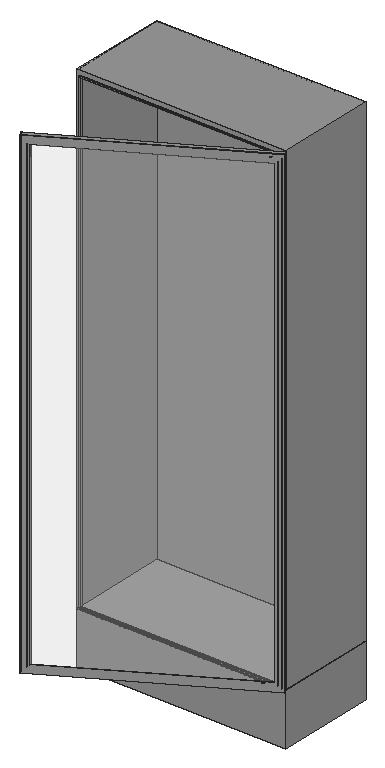
Revit family "Hager-Univers-IP55-D400-H2050-Cl.II-Steel_encl-NoHosted-ES-es", category Electrical Equipment, Revit 2020
Family settings
  Panel Configuration = Two Columns, Circuits Across
  Round Connector Dimension = Use Diameter
  Part Type = Panelboard
  Work Plane-Based = Yes
  Always vertical = Yes
  Cut with Voids When Loaded = No
  Shared = No
  Room Calculation Point = No
Parameters (values of type "Instalación de suelo IP55 A800 A2050 P400  - FR23U2")
  Width Control [instance] = if([EF000008 - Anchura] > Min Width, [EF000008 - Anchura], Min Width)  # 800 mm
  Type Comments = [HG000003 - Gama]  # "Univers"
  Thickness Door [instance] = if([EF009171 - Espesor puerta/tapa] > 3 mm, 3 mm, [EF009171 - Espesor puerta/tapa])  # 1.5 mm
  Seal Frame Offset [instance] = 17 mm  # constant formula
  Plinth Visibility [instance] = [HG000027 - Altura de zócalo] > 0 mm  # yes
  Min Width [instance] = 100 mm  # constant formula
  Min Depth [instance] = (2 * [EF009170 - Espesor del material de la caja]) + 1 mm  # 4 mm
  Min Height [instance] = 100 mm  # constant formula
  Internal Frame Depth [instance] = (Door System Depth * 0.5)  # 9 mm
  Panel Name [instance] = ""  # (empty or 0)
  Model = ""
  HG000027 - Altura de zócalo = 200 mm
  HG000026 - Instalación en suelo = yes
  HG000024 - Altura de la sección inferior = 600 mm
  HG000023 - Caja de doble sección = no
  HG000016 - Visibilidad de la puerta 3D [instance] = yes
  HG000015 - Visibilidad a través de la puerta [instance] = no
  HG000014 - Puerta a la derecha [instance] = yes
  HG000013 - Puerta a la izquierda [instance] = not([HG000014 - Puerta a la derecha])  # no
  HG000012 - Ángulo de giro de la puerta [instance] = 30.00°
  HG000010 - Puertas asimétricas = no
  HG000009 - Puerta batiente doble = no
  HG000006 - Empotrado = no
  HG000004 - Referencia del fabricante = "FR23U2"
  HG000003 - Gama = "Univers"
  HG000002 - Con puerta o tapa = yes
  Frame Offset Bottom [instance] = 10 mm  # constant formula
  Frame Offset [instance] = 15 mm  # constant formula
  EF015940 - Tapa con alivio de sobrepresión = no
  EF011959 - Grado de protección (NEMA) = ""
  EF009554 - Número de aberturas para placas-brida = 6
  EF009212 - Versión de la cubierta = "EV000116 - Cerrado"
  EF009171 - Espesor puerta/tapa = 1.5 mm
  EF009170 - Espesor del material de la caja = 1.5 mm
  EF008873 - Corriente nominal (In) = 800 A
  EF007800 - Adecuado para la protección contra rayos = no
  EF006306 - Con cierre = no
  EF006244 - Tapa/puerta transparente = yes
  EF005474 - Grado de protección (IP) = "EV006420 - IP55"
  EF004464 - Tipo de puerta = "EV002646 - Único"
  EF004427 - Número de módulos = 432
  EF004293 - Resistencia al impacto (IK) = "EV008784 - IK10"
  EF003532 - Adecuado para uso en exteriores = no
  EF002950 - Anchura de unidades de división = 24
  EF001613 - Integridad del circuito = "EV000494 - Ninguno"
  EF001596 - Material de la carcasa = "EV000179 - Acero"
  EF001131 - Profundidad interna = 400 mm
  EF001088 - Posibilidad de extensión = yes
  EF000437 - Número de entradas de conductos de cables = 6
  EF000339 - Tipo de cubierta = "EV004216 - Puerta"
  EF000266 - Número de filas = 12
  EF000218 - Profundidad de instalación = 0 mm
  EF000118 - Con placa de montaje = no
  EF000116 - Número RAL = "7035"
  EF000049 - Profundidad = 400 mm
  EF000040 - Altura = 2050 mm
  EF000008 - Anchura = 800 mm
  EF000007 - Color = "EV000270 - Gris"
  EF000003 - Tipo de montaje = "EV012274 - Instalación de suelo"
  Door System Leaf Tolerance [instance] = 1.5 mm  # constant formula
  Door System Depth [instance] = 18 mm  # constant formula
  Door Height [instance] = Height Control - [HG000027 - Altura de zócalo]  # 1850 mm
  Description = ""
  Default Elevation = 1219.2 mm
  Connector Offset [instance] = Height Control / 2  # 1025 mm
  Manufacturer = "Hager"  # constant formula
  Height Control [instance] = if([EF000040 - Altura] > Min Height, [EF000040 - Altura], Min Height)  # 2050 mm
  Depth Control [instance] = if([EF000049 - Profundidad] > Min Depth, [EF000049 - Profundidad], Min Depth)  # 400 mm
  Bottom Top Plate Trim [instance] = 1.5 mm  # constant formula
  Plinth height Ctrl [instance] = if([HG000027 - Altura de zócalo] > 0 mm, [HG000027 - Altura de zócalo], 12 mm)  # 200 mm
Types (11, lengths in mm): name | Width Control | HG000010 - Puertas asimétricas | HG000009 - Puerta batiente doble | HG000004 - Referencia del fabricante | EF009554 - Número de aberturas para placas-brida | EF006244 - Tapa/puerta transparente | EF004464 - Tipo de puerta | EF004427 - Número de módulos | EF000437 - Número de entradas de conductos de cables | EF000008 - Anchura
  Instalación de suelo IP55 A1050 A2050 P400  - FR24H2 | 1050 | yes | yes | "FR24H2" | 8 | no | "EV003602 - Doble" | 576 | 8 | 1050
  Instalación de suelo IP55 A1050 A2050 P400  - FR24U2 | 1050 | yes | yes | "FR24U2" | 8 | yes | "EV003602 - Doble" | 576 | 8 | 1050
  Instalación de suelo IP55 A1300 A2050 P400  - FR25H2 | 1300 | yes | yes | "FR25H2" | 10 | no | "EV003602 - Doble" | 720 | 10 | 1300
  Instalación de suelo IP55 A1300 A2050 P400  - FR25U2 | 1300 | yes | yes | "FR25U2" | 10 | yes | "EV003602 - Doble" | 720 | 10 | 1300
  Instalación de suelo IP55 A1550 A2050 P400  - FR26H2 | 1550 | yes | yes | "FR26H2" | 12 | no | "EV003602 - Doble" | 864 | 12 | 1550
  Instalación de suelo IP55 A1550 A2050 P400  - FR26U2 | 1550 | yes | yes | "FR26U2" | 12 | yes | "EV003602 - Doble" | 864 | 12 | 1550
  Instalación de suelo IP55 A300 A2050 P400  - FR21H2 | 300 | no | no | "FR21H2" | 2 | no | "EV002646 - Único" | 144 | 2 | 300
  Instalación de suelo IP55 A550 A2050 P400  - FR22H2 | 550 | no | no | "FR22H2" | 4 | no | "EV002646 - Único" | 288 | 4 | 550
  Instalación de suelo IP55 A550 A2050 P400  - FR22U2 | 550 | no | no | "FR22U2" | 4 | yes | "EV002646 - Único" | 288 | 4 | 550
  Instalación de suelo IP55 A800 A2050 P400  - FR23H2 | 800 | no | no | "FR23H2" | 6 | no | "EV002646 - Único" | 432 | 6 | 800
  Instalación de suelo IP55 A800 A2050 P400  - FR23U2 | 800 | no | no | "FR23U2" | 6 | yes | "EV002646 - Único" | 432 | 6 | 800
Reference planes
  plane 1 "Center (Front/Back)": y = 0
  plane 2: z = 0
  plane 3 "Center (Left/Right)": x = 0
  plane 4: y = 0
  plane 5: y = 0
  plane 6: z = 0
  plane 7: x = -400
  plane 8: x = 400
  plane 9: x = 398.5
  plane 10: x = -398.5
  plane 11: z = 200
  plane 12: z = 201.5
  plane 13: y = -400
  plane 14: y = -1.5
  plane 15: x = 0
  plane 16: y = -382
  plane 17: y = -398.5
  plane 18: y = -380.5
  plane 19: x = -383.5
  plane 20: x = 383.5
  plane 21: z = 211.5
  plane 22: x = -383
  plane 23: x = 383
  plane 24: z = 200
  plane 25: z = 2050
  plane 26: z = 2050
  plane 27: z = 2033.5
  plane 28: z = 2048.5
Forms (mm)
  Extrusion 1, solid, material "Hager_Steel_RAL7035_Light_Grey", detail levels medium+fine
    sketch origin (-208.679, -4572, 200) x (-1, 0, 0) y (0, -1, 0)
      loop
        line (191.321, -4190) -> (-608.679, -4190) -> (-608.679, -4572) -> (191.321, -4572) -> (191.321, -4190)
    from 0 to 1850
  Extrusion 2, void
    sketch origin (-350.771, -400, 1219.2) x (1, 0, 0) y (0, 0, 1)
      loop
        line (-47.729, 829.3) -> (-47.729, -1017.7) -> (749.271, -1017.7) -> (749.271, 829.3) -> (-47.729, 829.3)
    from -19.5 to -398.5
  Extrusion 3, void
    sketch origin (-290.084, -382, 1219.2) x (1, 0, 0) y (0, 0, 1)
      loop
        line (-93.416, -1007.7) -> (673.584, -1007.7) -> (673.584, 814.3) -> (-93.416, 814.3) -> (-93.416, -1007.7)
    from 0 to -1.5
  Extrusion 4, solid, material "Hager_Steel_RAL7035_Light_Grey", visible <- "Plinth Visibility", detail levels medium+fine
    sketch origin (0, 0, 0) x (1, 0, 0) y (0, 1, 0)
      loop
        line (-400, 0) -> (-400, -382) -> (400, -382) -> (400, 0) -> (-400, 0)
    from 0 to 200 <- "Plinth height Ctrl"
  Extrusion 5, solid, material "Hager_Steel_RAL7035_Light_Grey", detail levels coarse
    sketch origin (0, 0, 0) x (1, 0, 0) y (0, 1, 0)
      loop
        line (-400, 0) -> (-400, -400) -> (400, -400) -> (400, 0) -> (-400, 0)
    from 0 to 2050 <- "Height Control"
  Sweep 6, void
    path in 3D
      loop
        line (-400, -382, 200) -> (400, -382, 200) -> (400, 0, 200) -> (-400, 0, 200) -> (-400, -382, 200)
    profile origin (-400, -191, 200) x (1, 0, 0) y (0, 0, 1)
      loop
        line (0, 0) -> (0, -1.5) -> (1.5, -1.5)
        arc (1.5, -1.5) -> (1.061, -0.439) -> (0, 0) r 1.5
  Extrusion 7, solid, material "Hager_Steel_RAL7035_Light_Grey", detail levels fine
    sketch origin (-400, -382, 200) x (1, 0, 0) y (0, 0, 1)
      loop
        line (16.5, 11.5) -> (783.5, 11.5) -> (783.5, 1833.5) -> (16.5, 1833.5) -> (16.5, 11.5)
      loop
        line (15, 10) -> (785, 10) -> (785, 1835) -> (15, 1835) -> (15, 10)
    from 0 to 9 <- "Internal Frame Depth"
Cuts and joins
  Extrusion 2, Extrusion 3 cuts Extrusion 1
  Sweep 6 cuts Extrusion 4
Lines and regions (mm)
  Masking region 1
    outline origin (0, 0, 0) x (1, 0, 0) y (0, 1, 0)
      loop
        line (-400, 0) -> (-400, -400) -> (400, -400) -> (400, 0) -> (-400, 0)
  Masking region 2, detail levels coarse
    outline origin (-290.084, -382, 1219.2) x (-1, 0, 0) y (0, 0, 1)
      loop
        line (-690.084, -1219.2) -> (109.916, -1219.2) -> (109.916, 830.8) -> (-690.084, 830.8) -> (-690.084, -1219.2)
  Masking region 3, detail levels coarse
    outline origin (0, 0, 0) x (0, 1, 0) y (0, 0, 1)
      loop
        line (0, 0) -> (0, 2050) -> (-400, 2050) -> (-400, 0) -> (0, 0)
  Masking region 4, visible <- "Plinth Visibility", detail levels medium+fine
    outline origin (0, 0, 0) x (0, 1, 0) y (0, 0, 1)
      loop
        line (-1.5, 200) -> (-380.5, 200)
        arc (-380.5, 200) -> (-380.939, 198.939) -> (-382, 198.5) r 1.5
        line (-382, 198.5) -> (-382, 0) -> (0, 0) -> (0, 198.5)
        arc (0, 198.5) -> (-1.061, 198.939) -> (-1.5, 200) r 1.5
  Masking region 5, detail levels medium+fine
    outline origin (0, 0, 594.038) x (0, 1, 0) y (0, 0, 1)
      loop
        line (0, -394.038) -> (0, 1455.962) -> (-382, 1455.962) -> (-382, -394.038) -> (0, -394.038)
  Masking region 6, detail levels medium+fine
    outline origin (-359.7, -382, 1211.883) x (-1, 0, 0) y (0, 0, 1)
      loop
        line (-759.7, -1011.883) -> (40.3, -1011.883) -> (40.3, 838.117) -> (-759.7, 838.117) -> (-759.7, -1011.883)
  Masking region 7, visible <- "Plinth Visibility", detail levels medium+fine
    outline origin (-320.334, -382, 1041.368) x (-1, 0, 0) y (0, 0, 1)
      loop
        line (-720.334, -1041.368) -> (79.666, -1041.368) -> (79.666, -842.868)
        arc (79.666, -842.868) -> (78.606, -842.429) -> (78.166, -841.368) r 1.5
        line (78.166, -841.368) -> (-718.834, -841.368)
        arc (-718.834, -841.368) -> (-719.273, -842.429) -> (-720.334, -842.868) r 1.5
        line (-720.334, -842.868) -> (-720.334, -1041.368)
  sketch lines
    curve 1: line (-400, 0, 200) -> (-400, -382, 200)
    curve 2: line (-400, -382, 200) -> (400, -382, 200)
    curve 3: line (400, 0, 200) -> (-400, 0, 200)
    curve 4: line (400, -382, 200) -> (400, 0, 200)
Dimensions and locks
  locked: plane 1 "Center (Front/Back)" to plane 5
  "EF009170 - Espesor del material de la caja": plane 7 to plane 10
  "EF009170 - Espesor del material de la caja": plane 8 to plane 9
  equal spacing: plane 7, plane 3 "Center (Left/Right)", plane 8
  "Width Control": plane 7 to plane 8
  "Depth Control": plane 4 to plane 13
  "EF009170 - Espesor del material de la caja": plane 4 to plane 14
  "Height Control": plane 25 to level
  "HG000027 - Altura de zócalo": plane 11 to level
  "EF009170 - Espesor del material de la caja": plane 12 to plane 11
  "EF009170 - Espesor del material de la caja": plane 17 to plane 13
  "EF009170 - Espesor del material de la caja": plane 18 to plane 16
  "Frame Offset Bottom": plane 21 to plane 12
  "Frame Offset": plane 10 to plane 19
  "Frame Offset": plane 9 to plane 20
  "Door System Depth": plane 16 to plane 13
  "Seal Frame Offset": plane 7 to plane 22
  "Seal Frame Offset": plane 8 to plane 23
  "EF009170 - Espesor del material de la caja": plane 26 to plane 28
  "Frame Offset": plane 28 to plane 27
  "Connector Offset": plane 2 to connector elem
  "Bottom Top Plate Trim": profile plane to Sweep 6 sketch curve
  "Bottom Top Plate Trim": Sweep 6 sketch curve to Sweep 6 sketch curve
  "Plinth height Ctrl": Masking region 4 sketch curve to level
  "Plinth height Ctrl": Masking region 7 sketch curve to level
  "Thickness Door": Extrusion 7 sketch curve to Extrusion 7 sketch curve  (x4)
  "Bottom Top Plate Trim": radius of Sweep 6 sketch curve
  "Bottom Top Plate Trim": radius of Masking region 4 sketch curve  (x2)
  "Bottom Top Plate Trim": radius of Masking region 7 sketch curve  (x2)
  aligned and locked: Extrusion 2 sketch curve to plane 12
  aligned and locked: Extrusion 2 sketch curve to plane 9
  aligned and locked: Extrusion 2 sketch curve to plane 10
  aligned and locked: Extrusion 2 to plane 14
  aligned and locked: Extrusion 1 sketch curve to plane 4
  aligned and locked: plane 8 to Extrusion 1 sketch curve
  aligned and locked: plane 7 to Extrusion 1 sketch curve
  aligned and locked: Extrusion 2 to plane 18
  aligned and locked: Extrusion 3 sketch curve to plane 19
  aligned and locked: plane 20 to Extrusion 3 sketch curve
  aligned and locked: Extrusion 3 to Extrusion 2
  aligned and locked: Extrusion 3 sketch curve to plane 21
  aligned and locked: plane 3 "Center (Left/Right)" to nested 1
  aligned and locked: Extrusion 1 sketch curve to plane 16
  aligned and locked: Extrusion 4 sketch curve to cut or joined group of Extrusion 1, Extrusion 2, Extrusion 3
  aligned and locked: Masking region 1 sketch curve to plane 7
  aligned and locked: Masking region 1 sketch curve to plane 5
  aligned and locked: Masking region 1 sketch curve to plane 8
  aligned and locked: Masking region 2 sketch curve to level
  aligned and locked: level to Masking region 3 sketch curve
  aligned and locked: plane 1 "Center (Front/Back)" to Masking region 3 sketch curve
  aligned and locked: plane 13 to Masking region 3 sketch curve
  aligned and locked: plane 5 to Masking region 4 sketch curve
  aligned and locked: Masking region 2 sketch curve to plane 8
  aligned and locked: Masking region 2 sketch curve to plane 7
  aligned and locked: plane 7 to nested 2
  aligned and locked: nested 2 to plane 5
  aligned and locked: plane 5 to Masking region 5 sketch curve
  aligned and locked: plane 26 to Masking region 5 sketch curve
  aligned and locked: Extrusion 5 sketch curve to plane 8
  aligned and locked: Extrusion 5 sketch curve to plane 7
  aligned and locked: Extrusion 5 sketch curve to plane 5
  aligned and locked: Extrusion 3 sketch curve to plane 27
  aligned and locked: Extrusion 2 sketch curve to plane 28
  aligned and locked: Masking region 2 to plane 25
  aligned and locked: Extrusion 4 to plane 16
  aligned and locked: profile plane to Sweep 6 sketch curve
  aligned and locked: Masking region 5 sketch curve to plane 24
  aligned and locked: level to Masking region 4 sketch curve
  aligned and locked: Masking region 1 to plane 13
  aligned and locked: nested 1 to plane 16
  aligned and locked: Masking region 3 to plane 25
  aligned and locked: plane 16 to Masking region 4 sketch curve
  aligned and locked: Masking region 5 sketch curve to plane 16
  aligned and locked: plane 24 to plane 11
  aligned and locked: plane 26 to plane 25
  aligned and locked: plane 26 to cut or joined group of Extrusion 1, Extrusion 2, Extrusion 3
  aligned and locked: nested 1 to plane 24
  aligned and locked: Extrusion 1 to Extrusion 3
  aligned and locked: Masking region 6 sketch curve to plane 8
  aligned and locked: Masking region 6 sketch curve to plane 24
  aligned and locked: Masking region 6 sketch curve to plane 7
  aligned and locked: Masking region 6 sketch curve to plane 26
  aligned and locked: Masking region 7 sketch curve to plane 7
  aligned and locked: level to Masking region 7 sketch curve
  aligned and locked: Masking region 7 sketch curve to plane 8
  aligned and locked: Extrusion 7 sketch curve to cut or joined group of Extrusion 1, Extrusion 2, Extrusion 3  (x4)
Automatic sketch dimensions
  plane 19 to Extrusion 3 sketch curve = 0 mm
  Extrusion 3 sketch curve to plane 20 = 0 mm
  Extrusion 3 sketch curve to plane 21 = 0 mm
  Extrusion 4 sketch curve to plane 7 = 0 mm
  Extrusion 4 sketch curve to plane 8 = 0 mm
  Extrusion 4 sketch curve to plane 16 = 0 mm
  Masking region 1 sketch curve to plane 13 = 0 mm
  Masking region 2 sketch curve to plane 25 = 0 mm
  Masking region 3 sketch curve to plane 25 = 0 mm
  Extrusion 5 sketch curve to plane 13 = 0 mm
  profile plane to Sweep 6 sketch curve = 0 mm
Nested families
  nested 1: "EC000058_Univers_Door" at (0, -382, 200), Double <- "HG000009 - Puerta batiente doble", Transparent <- "EF006244 - Tapa/puerta transparente", Angle <- "HG000012 - Ángulo de giro de la puerta", Door_Right <- "HG000014 - Puerta a la derecha", Assymetrical <- "HG000010 - Puertas asimétricas", Door <- "HG000002 - Con puerta o tapa", Width_Ctrl <- "Width Control", 3d_Door <- "HG000016 - Visibilidad de la puerta 3D", Clearance <- "HG000015 - Visibilidad a través de la puerta", Door_Left <- "HG000013 - Puerta a la izquierda", Width <- "Width Control", Door_Depth <- "Door System Depth", Leaf_Tolerance <- "Door System Leaf Tolerance", Height <- "Door Height", Lock_Visibility <- "EF006306 - Con cierre", Thickness <- "Thickness Door", type "EC000058_Univers_Door", detail levels medium+fine
    with min_wh 4 mm, Width_Ctrl 800 mm, Width 800 mm, Transparent yes, Thickness 1.5 mm, Seal_Material Hager_Rubber, Lock_Visibility no, Lock_Material Hager_Plastic_RAL9005_Jet_Black, Leaf_Width 800 mm, Leaf_Tolerance_External_Sides 0 mm, Leaf_Tolerance 1.5 mm, Leaf_Offset 0 mm, Leaf_Height 1847 mm, Leaf_2_Width 800 mm, Leaf_2_Offset 400 mm, Leaf_1_Width 800 mm, Leaf_1_Offset 400 mm, Height_Ctrl 1850 mm, Height 1850 mm, Glass_Material Hager_Glass, Double_Clearance_Ctrl no, Double no, Door_Right_Ctrl yes, Door_Right yes, Door_Material Hager_Steel_RAL7035_Light_Grey, Door_Left_Ctrl no, Door_Left no, Door_Depth 18 mm, Door yes, Clearance_Material Hager_Clearance, Clearance_Depth 800 mm, Clearance_Ctrl no, Clearance no, Assymetrical no, Angle 30.00°, 3d_Door yes
  nested 2: "Hager_Enclosure_Symbol" at (-400, 0, 0), Height <- "Depth Control", Width <- "Width Control", type "Hager_Enclosure_Symbol"
    with Width_Ctrl 800 mm, Width 800 mm, Height_Ctrl 400 mm, Height 400 mm, A_Width_Int 26.25 mm, A_Width 315 mm, A_Height_Ctrl 350 mm, A_Height 350 mm
Connectors
  electrical at (0, 0, 1025)
    settings: on plane 1 "Center (Front/Back)", index 1, voltage 0 V, apparent load 0 VA, apparent load phase1 0 VA, apparent load phase2 0 VA, apparent load phase3 0 VA, power factor 1, load classification "Other", number of poles 1, system type 30, power factor state 1, is connector primary yes, connector utility no, sub classification motor no, connector description ""
Definition of nested family "EC000058_Univers_Door"
  Parameters (values of type "EC000058_Univers_Door")
    min_wh [instance] = (2 * Thickness) + 1 mm  # 11 mm
    Width_Ctrl [instance] = 400 mm
    Width [instance] = 500 mm
    Transparent [instance] = yes
    Thickness [instance] = 5 mm
    Seal_Material [instance] = none
    Lock_Visibility [instance] = yes
    Lock_Material [instance] = none
    Leaf_Width [instance] = if((Width_Ctrl - 2 * Leaf_Tolerance_External_Sides) > 0 mm, (Width_Ctrl - 2 * Leaf_Tolerance_External_Sides), min_wh)  # 400 mm
    Leaf_Tolerance_External_Sides [instance] = 0 mm  # constant formula
    Leaf_Tolerance [instance] = 1.5 mm
    Leaf_Offset [instance] = 0 mm  # constant formula
    Leaf_Height [instance] = if((Height_Ctrl - 2 * Leaf_Tolerance) > 0 mm, (Height_Ctrl - 2 * Leaf_Tolerance), min_wh)  # 497 mm
    Leaf_2_Width [instance] = if(and(and(Double, Assymetrical), Door_Left), (Leaf_Width / 3) - (Leaf_Tolerance / 2), if(and(and(Double, Assymetrical), Door_Right), (Leaf_Width / 3) * 2 - (Leaf_Tolerance / 2), if(and(Double, not(Assymetrical)), (Leaf_Width / 2) - Leaf_Tolerance, Leaf_Width)))  # 400 mm
    Leaf_2_Offset [instance] = if(and(Double, Assymetrical), Leaf_2_Width / 2, if(and(Double, not(Assymetrical)), Leaf_Width / 4, Leaf_Width / 2))  # 200 mm
    Leaf_1_Width [instance] = if(and(and(Double, Assymetrical), Door_Right), (Leaf_Width / 3) - (Leaf_Tolerance / 2), if(and(and(Double, Assymetrical), Door_Left), (Width / 3) * 2 - (Leaf_Tolerance / 2), if(and(Double, not(Assymetrical)), (Leaf_Width / 2) - Leaf_Tolerance, Leaf_Width)))  # 400 mm
    Leaf_1_Offset [instance] = if(and(Double, Assymetrical), Leaf_1_Width / 2, if(and(Double, not(Assymetrical)), Leaf_Width / 4, Leaf_Width / 2))  # 200 mm
    Height_Ctrl [instance] = if(Height > min_wh, Height, min_wh)  # 500 mm
    Height [instance] = 500 mm
    Glass_Material [instance] = none
    Double_Clearance_Ctrl [instance] = and(Double, Clearance)  # no
    Double [instance] = no
    Door_Right_Ctrl [instance] = and(or(Door_Right, Double), Door)  # yes
    Door_Right [instance] = yes
    Door_Material [instance] = none
    Door_Left_Ctrl [instance] = and(or(Door_Left, Double), Door)  # no
    Door_Left [instance] = no
    Door_Depth [instance] = 30 mm
    Door [instance] = yes
    Default Elevation = 1219.2 mm
    Clearance_Material [instance] = none
    Clearance_Depth [instance] = if(Leaf_1_Width > Leaf_2_Width, Leaf_1_Width, Leaf_2_Width)  # 400 mm
    Clearance_Ctrl [instance] = and(not(Double), Clearance)  # yes
    Clearance [instance] = yes
    Assymetrical [instance] = yes
    Angle [instance] = 30.00°
    3d_Door [instance] = yes
  Reference planes
    plane 1 "Center (Front/Back)": y = 0
    plane 2 "Bottom": z = 0
    plane 3 "Center (Left/Right)": x = 0
    plane 4: z = 500
    plane 5: x = -200
    plane 6: x = 200
    plane 7: z = 500
    plane 8: x = -200
    plane 9: z = 0
    plane 10: x = 200
    plane 11: y = 0
    plane 12: z = 1.5
    plane 13: x = -600
    plane 14: y = -400
    plane 15: x = 600
    plane 16: x = 0
    plane 17: x = 0
    plane 18: x = -200
    plane 19: x = 200
    plane 20: z = 498.5
  Forms (mm)
    Extrusion 1, solid, material <- "Clearance_Material", visible <- "Double_Clearance_Ctrl"
      sketch origin (1200, 0, 0) x (1, 0, 0) y (0, 0, -1)
        loop
          line (-1800, -498.5) -> (-600, -498.5) -> (-600, 0) -> (-1800, 0) -> (-1800, -498.5)
      from 0 to -400
  Dimensions and locks
    equal spacing: plane 5, plane 3 "Center (Left/Right)", plane 6
    "Width_Ctrl": plane 5 to plane 6
    "Leaf_Offset": plane 5 to plane 8
    "Leaf_Offset": plane 6 to plane 10
    "Leaf_Offset": plane 9 to level
    "Leaf_Offset": plane 4 to plane 7
    "Height_Ctrl": plane 4 to level
    "Leaf_Tolerance": plane 12 to plane 9
    locked: plane 11 to plane 1 "Center (Front/Back)"
    "Leaf_1_Offset": plane 18 to plane 16
    "Leaf_2_Offset": plane 17 to plane 19
    "Leaf_1_Width": plane 13 to plane 8
    "Leaf_2_Width": plane 10 to plane 15
    "Clearance_Depth": plane 14 to plane 1 "Center (Front/Back)"
    "Leaf_Tolerance_External_Sides": plane 8 to plane 18
    "Leaf_Tolerance_External_Sides": plane 19 to plane 10
    "Leaf_Tolerance": plane 7 to plane 20
    aligned and locked: level to plane 2 "Bottom"
    aligned and locked: nested 1 to plane 16
    aligned and locked: nested 2 to plane 17
    aligned and locked: Extrusion 1 to plane 13
    aligned and locked: plane 15 to Extrusion 1
    aligned and locked: Extrusion 1 to plane 14
    aligned and locked: plane 12 to nested 1
    aligned and locked: nested 2 to plane 12
    aligned and locked: Extrusion 1 to plane 11
    aligned and locked: plane 20 to Extrusion 1
    aligned and locked: nested 2 to plane 11
    aligned and locked: nested 1 to plane 11
  Automatic sketch dimensions
    Extrusion 1 sketch curve to level = 0 mm
    plane 5 to Extrusion 1 sketch curve = 400 mm
    plane 6 to Extrusion 1 sketch curve = 400 mm
    Extrusion 1 sketch curve to plane 4 = 1.5 mm
  Nested families
    nested 1: "EC000058_Univers_Door_Leaf" at (0, 0, 1.5), Width <- "Leaf_1_Width", visible <- "Door_Left_Ctrl", Leaf_Height <- "Leaf_Height", Angle <- "Angle", 3d_Door <- "3d_Door", Transparent <- "Transparent", Clearance Material <- "Clearance_Material", Clearance <- "Clearance_Ctrl", Door_Material <- "Door_Material", Glass_Material <- "Glass_Material", Door_Depth <- "Door_Depth", Lock_Material <- "Lock_Material", Seal_Material <- "Seal_Material", Lock_Visibility <- "Lock_Visibility", Thickness <- "Thickness", type "EC000058_Univers_Door_Leaf"
      with Width 400 mm, Transparent_Glass_Offset 30 mm, Transparent_Ctrl yes, Transparent yes, Thickness 5 mm, Standard no, Seal_Material none, Seal_D2 8 mm, Seal_D1 1 mm, Offset_Internal_Frame 10 mm, Lock_Width 20 mm, Lock_Visibility_3d yes, Lock_Visibility yes, Lock_Thickness_3 3 mm, Lock_Thickness_2 1 mm, Lock_Thickness_1 3 mm, Lock_Radius_Offset_2 16 mm, Lock_Radius_Offset_1 15 mm, Lock_Radius_2 5 mm, Lock_Radius 6 mm, Lock_Offset 5 mm, Lock_Material none, Lock_Height 80 mm, Lock_Cover_Top_Offset_2d 17 mm, Lock_Cover_Height -65 mm, Leaf_Height 497 mm, Internal_Seal_Thickness 8 mm, Internal_Seal_Depth_2 4.5 mm, Internal_Frame_Depth 25 mm, Glass_Thickness -1 mm, Glass_Offset -2 mm, Glass_Material none, Door_Material none, Door_Depth 30 mm, Clearance Material none, Clearance yes, Angle_Ctrl 30.00°, Angle 30.00°, 3d_Door yes
    nested 2: "EC000058_Univers_Door_Leaf" at (0, 0, 1.5) x (-1, 0, 0) z (0, 0, 1), Width <- "Leaf_2_Width", visible <- "Door_Right_Ctrl", Leaf_Height <- "Leaf_Height", Angle <- "Angle", 3d_Door <- "3d_Door", Transparent <- "Transparent", Clearance Material <- "Clearance_Material", Clearance <- "Clearance_Ctrl", Door_Material <- "Door_Material", Glass_Material <- "Glass_Material", Door_Depth <- "Door_Depth", Lock_Material <- "Lock_Material", Seal_Material <- "Seal_Material", Lock_Visibility <- "Lock_Visibility", Thickness <- "Thickness", type "EC000058_Univers_Door_Leaf"
      with Width 400 mm, Transparent_Glass_Offset 30 mm, Transparent_Ctrl yes, Transparent yes, Thickness 5 mm, Standard no, Seal_Material none, Seal_D2 8 mm, Seal_D1 1 mm, Offset_Internal_Frame 10 mm, Lock_Width 20 mm, Lock_Visibility_3d yes, Lock_Visibility yes, Lock_Thickness_3 3 mm, Lock_Thickness_2 1 mm, Lock_Thickness_1 3 mm, Lock_Radius_Offset_2 16 mm, Lock_Radius_Offset_1 15 mm, Lock_Radius_2 5 mm, Lock_Radius 6 mm, Lock_Offset 5 mm, Lock_Material none, Lock_Height 80 mm, Lock_Cover_Top_Offset_2d 17 mm, Lock_Cover_Height -65 mm, Leaf_Height 497 mm, Internal_Seal_Thickness 8 mm, Internal_Seal_Depth_2 4.5 mm, Internal_Frame_Depth 25 mm, Glass_Thickness -1 mm, Glass_Offset -2 mm, Glass_Material none, Door_Material none, Door_Depth 30 mm, Clearance Material none, Clearance yes, Angle_Ctrl 30.00°, Angle 30.00°, 3d_Door yes
  Definition of nested family "EC000058_Univers_Door_Leaf"
    Parameters (values of type "EC000058_Univers_Door_Leaf")
      Width [instance] = 2000 mm
      Transparent_Glass_Offset [instance] = 30 mm
      Transparent_Ctrl [instance] = and(Transparent, [3d_Door])  # yes
      Transparent [instance] = yes
      Thickness [instance] = 5 mm
      Standard [instance] = and(not(Transparent), [3d_Door])  # no
      Seal_Material [instance] = none
      Seal_D2 [instance] = 8 mm  # constant formula
      Seal_D1 [instance] = 1 mm  # constant formula
      Offset_Internal_Frame [instance] = 10 mm  # constant formula
      Lock_Width [instance] = 20 mm  # constant formula
      Lock_Visibility_3d [instance] = and(Lock_Visibility, [3d_Door])  # yes
      Lock_Visibility [instance] = yes
      Lock_Thickness_3 [instance] = 3 mm  # constant formula
      Lock_Thickness_2 [instance] = 1 mm  # constant formula
      Lock_Thickness_1 [instance] = 3 mm  # constant formula
      Lock_Radius_Offset_2 [instance] = Lock_Radius_Offset_1 + 1 mm  # 16 mm
      Lock_Radius_Offset_1 [instance] = 15 mm  # constant formula
      Lock_Radius_2 [instance] = Lock_Radius - 1 mm  # 5 mm
      Lock_Radius [instance] = 6 mm  # constant formula
      Lock_Offset [instance] = 5 mm  # constant formula
      Lock_Material [instance] = none
      Lock_Height [instance] = 80 mm  # constant formula
      Lock_Cover_Top_Offset_2d [instance] = Lock_Radius_Offset_2 + 1 mm  # 17 mm
      Lock_Cover_Height [instance] = -(Lock_Height - Lock_Radius_Offset_1)  # -65 mm
      Leaf_Height [instance] = 2720.336 mm
      Internal_Seal_Thickness [instance] = 8 mm  # constant formula
      Internal_Seal_Depth_2 [instance] = 4.5 mm  # constant formula
      Internal_Frame_Depth [instance] = if(Door_Depth - Thickness > 5 mm, Door_Depth - Thickness, 5 mm)  # 25 mm
      Glass_Thickness [instance] = if(Thickness > 15 mm, Glass_Offset + 10 mm, -1 mm)  # -1 mm
      Glass_Offset [instance] = if(Thickness > 15 mm, -(Thickness + 10 mm) / 2, -2 mm)  # -2 mm
      Glass_Material [instance] = none
      Door_Material [instance] = none
      Door_Depth [instance] = 30 mm
      Default Elevation = 0 mm
      Clearance Material [instance] = none
      Clearance [instance] = yes
      Angle_Ctrl [instance] = if(Angle > 180.00°, 180.00°, Angle)  # 90.00°
      Angle [instance] = 90.00°
      3d_Door [instance] = yes
    Reference planes
      plane 1 "Center (Front/Back)": y = 0
      plane 2: z = 0
      plane 3 "Center (Left/Right)": x = 0
      plane 4: y = 2000
      plane 5: x = -1000
      plane 6: x = 1000
      plane 7: x = -3000
      plane 8: z = 2720.336
      plane 9: z = 30
      plane 10: z = 2690.336
      plane 11: x = 970
      plane 12: x = -970
      plane 13: y = -3
      plane 14: z = 107.833
      plane 15: y = -5
      plane 16: y = -223.314
      plane 17: x = -1000
      plane 18: z = 1360.168
      plane 19: y = 30
    Forms (mm)
      Extrusion 1, solid, material <- "Clearance Material", visible <- "Clearance"
        sketch origin (0, 0, 0) x (1, 0, 0) y (0, 0, 1)
          loop
            line (-3000, 2720.336) -> (-3000, 0) -> (1000, 0) -> (1000, 2720.336) -> (-3000, 2720.336)
        from 0 to -2000
      Extrusion 2, solid, material <- "Door_Material", visible <- "Standard", detail levels medium+fine
        sketch origin (-1000, 0, 0) x (0, 1, 0) y (-1, 0, 0)
          loop
            line (0, 30) -> (0, 25) -> (2000, 25) -> (2000, 30) -> (0, 30)
        from 0 to 2720.336 <- "Leaf_Height"
      Extrusion 3, solid, material <- "Door_Material", visible <- "Transparent_Ctrl", detail levels medium+fine
        sketch origin (-1000, 0, 0) x (0, 1, 0) y (-1, 0, 0)
          loop
            line (0, 25) -> (2000, 25) -> (2000, 30) -> (0, 30) -> (0, 25)
        from 0 to 2720.336 <- "Leaf_Height"
      Extrusion 4, void
        sketch origin (-1025, 2000, 0) x (0, 1, 0) y (0, 0, -1)
          loop
            line (-30, -2690.336) -> (-30, -30) -> (-1970, -30) -> (-1970, -2690.336) -> (-30, -2690.336)
        from 0 to 5 <- "Thickness"
      Sweep 5, solid, material <- "Seal_Material", visible <- "Transparent_Ctrl", detail levels fine
        path in 3D
          loop
            line (-1025, 30, 30) -> (-1025, 30, 2690.336) -> (-1025, 1970, 2690.336) -> (-1025, 1970, 30) -> (-1025, 30, 30)
        profile origin (-1025, 1000, 30) x (1, 0, 0) y (0, 0, 1)
          loop
            line (0, 0) -> (0, -8) -> (1, -8) -> (1, 0) -> (0, 0)
      Extrusion 6, solid, material <- "Glass_Material", visible <- "Transparent_Ctrl", detail levels medium+fine
        sketch origin (-1030, 0, 0) x (0, 1, 0) y (0, 0, -1)
          loop
            line (1970, -2690.336) -> (1970, -30) -> (30, -30) -> (30, -2690.336) -> (1970, -2690.336)
        from -2 <- "Glass_Offset" to -1 <- "Glass_Thickness"
      Extrusion 7, solid, material <- "Door_Material", visible <- "3d_Door", detail levels medium+fine
        sketch origin (-1025, 2000, 0) x (0, -1, 0) y (0, 0, -1)
          loop
            line (0, -2720.336) -> (2000, -2720.336) -> (2000, 0) -> (0, 0) -> (0, -2720.336)
          loop
            line (1995, -5) -> (5, -5) -> (5, -2715.336) -> (1995, -2715.336) -> (1995, -5)
        from 0 to 25 <- "Internal_Frame_Depth"
      Sweep 8, solid, material <- "Seal_Material", visible <- "Transparent_Ctrl", detail levels fine
        path in 3D
          loop
            line (-1025, 0, 0) -> (-1025, 2000, 0) -> (-1025, 2000, 2720.336) -> (-1025, 0, 2720.336) -> (-1025, 0, 0)
        profile origin (-1025, 0, 1360.168) x (1, 0, 0) y (0, 1, 0)
          loop
            line (0, 10) -> (2.975, 10)
            arc (2.975, 10) -> (4.053, 10.447) -> (4.5, 11.525) r 1.525
            line (4.5, 11.525) -> (4.5, 16.527)
            arc (4.5, 16.527) -> (4.069, 17.569) -> (3.027, 18) r 1.473
            line (3.027, 18) -> (0, 18) -> (0, 10)
      Extrusion 9, solid, material <- "Lock_Material", visible <- "Lock_Visibility_3d", detail levels fine
        sketch origin (-1030, 0, 0) x (0, 1, 0) y (0, 0, -1)
          loop
            arc (1993.5, -1400.168) -> (1994.561, -1399.729) -> (1995, -1398.668) r 1.5
            line (1995, -1398.668) -> (1995, -1320.168) -> (1975, -1320.168) -> (1975, -1398.668)
            arc (1975, -1398.668) -> (1975.439, -1399.729) -> (1976.5, -1400.168) r 1.5
            line (1976.5, -1400.168) -> (1993.5, -1400.168)
        from 3 <- "Lock_Thickness_1" to 0
      Blend 10, solid, material <- "Lock_Material", visible <- "Lock_Visibility_3d", detail levels fine
        base sketch origin (-1033, 0, 0) x (0, 1, 0) y (0, 0, -1)
          loop
            line (1975, -1320.168) -> (1975, -1398.668)
            arc (1975, -1398.668) -> (1975.439, -1399.729) -> (1976.5, -1400.168) r 1.5
            line (1976.5, -1400.168) -> (1993.5, -1400.168)
            arc (1993.5, -1400.168) -> (1994.561, -1399.729) -> (1995, -1398.668) r 1.5
            line (1995, -1398.668) -> (1995, -1320.168) -> (1975, -1320.168)
        top sketch origin (-1033, 0, 0) x (0, 1, 0) y (0, 0, -1)
          loop
            line (1976, -1320.168) -> (1976, -1398.668)
            arc (1976, -1398.668) -> (1976.146, -1399.022) -> (1976.5, -1399.168) r 0.5
            line (1976.5, -1399.168) -> (1993.5, -1399.168)
            arc (1993.5, -1399.168) -> (1993.854, -1399.022) -> (1994, -1398.668) r 0.5
            line (1994, -1398.668) -> (1994, -1320.168) -> (1976, -1320.168)
        from 0 to 1 <- "Lock_Thickness_2"
      Blend 11, solid, material <- "Lock_Material", visible <- "Lock_Visibility_3d", detail levels fine
        base sketch origin (-1034, 0, 0) x (0, 1, 0) y (0, 0, -1)
          loop
            line (1978, -1320.168) -> (1978, -1384.168)
            arc (1978, -1384.168) -> (1985, -1391.168) -> (1992, -1384.168) r 7
            line (1992, -1384.168) -> (1992, -1320.168) -> (1978, -1320.168)
        top sketch origin (-1034, 0, 0) x (0, 1, 0) y (0, 0, -1)
          loop
            line (1991, -1320.168) -> (1979, -1320.168) -> (1979, -1383.168)
            arc (1979, -1383.168) -> (1985, -1389.168) -> (1991, -1383.168) r 6
            line (1991, -1383.168) -> (1991, -1320.168)
        from 0 to 3 <- "Lock_Thickness_3"
      Extrusion 12, solid, material <- "Lock_Material", visible <- "Lock_Visibility_3d", detail levels fine
        sketch origin (-1030, 1975, 1320.168) x (1, 0, 0) y (0, -1, 0)
          loop
            line (-7, -19) -> (-7, -1) -> (0, -1) -> (0, 0) -> (-8, 0) -> (-8, -20) -> (0, -20) -> (0, -19) -> (-7, -19)
        from 0 to -65 <- "Lock_Cover_Height"
      Extrusion 13, void
        sketch origin (-1038, 1995, 1320.168) x (-1, 0, 0) y (0, 0, -1)
          loop
            line (-5, -65) -> (0, -65) -> (-5, -60) -> (-5, -65)
        from 0 to 20 <- "Lock_Width"
      Extrusion 14, void
        sketch origin (-1038, 1975, 1320.168) x (0, -1, 0) y (0, 0, -1)
          loop
            circle (-10, -15.995) r 6
          loop
            circle (-10, -15.995) r 5
        from 0 to 2
      Extrusion 15, solid, material <- "Lock_Material", visible <- "Lock_Visibility_3d", detail levels medium
        sketch origin (-1030, 0, 0) x (0, 1, 0) y (0, 0, -1)
          loop
            arc (1993.5, -1400.168) -> (1994.561, -1399.729) -> (1995, -1398.668) r 1.5
            line (1995, -1398.668) -> (1995, -1320.168) -> (1975, -1320.168) -> (1975, -1398.668)
            arc (1975, -1398.668) -> (1975.439, -1399.729) -> (1976.5, -1400.168) r 1.5
            line (1976.5, -1400.168) -> (1993.5, -1400.168)
        from 8 to 0
    Cuts and joins
      Extrusion 4 cuts Extrusion 3
      Extrusion 13, Extrusion 14 cuts Extrusion 9
      Extrusion 14 cuts Blend 11
      Extrusion 13, Extrusion 14 cuts Extrusion 12
      joined: Extrusion 9, Blend 10, Blend 11, Extrusion 12
      Extrusion 14 cuts Extrusion 15
    Lines and regions (mm)
      Masking region 1, visible <- "Lock_Visibility", detail levels fine
        outline origin (0, 0, 0) x (0, 1, 0) y (0, 0, 1)
          loop
            line (30, 1320.168) -> (33, 1320.168) -> (33, 1400.168) -> (30, 1400.168) -> (30, 1320.168)
      Masking region 2, visible <- "Lock_Visibility", detail levels fine
        outline origin (0, 3.143, 0) x (0, 1, 0) y (0, 0, 1)
          loop
            line (29.857, 1354.168) -> (30.857, 1354.168) -> (30.857, 1366.168) -> (29.857, 1366.168) -> (29.857, 1354.168)
      Masking region 3, detail levels medium+fine
        outline origin (0, 0, 0) x (0, 1, 0) y (0, 0, 1)
          loop
            line (0, 0) -> (30, 0) -> (30, 2720.336) -> (0, 2720.336) -> (0, 0)
      Masking region 4, detail levels medium+fine
        outline origin (0, 0, 0) x (1, 0, 0) y (0, 0, 1)
          loop
            line (-1000, 2720.336) -> (-1000, 0) -> (1000, 0) -> (1000, 2720.336) -> (-1000, 2720.336)
      Masking region 5, visible <- "Lock_Visibility", detail levels fine
        outline origin (-47.116, 0, 0) x (1, 0, 0) y (0, 0, 1)
          loop
            arc (1024.616, 1399.168) -> (1023.556, 1398.729) -> (1023.116, 1397.668) r 1.5
            line (1023.116, 1397.668) -> (1023.116, 1320.168) -> (1041.116, 1320.168) -> (1041.116, 1397.668)
            arc (1041.116, 1397.668) -> (1040.677, 1398.729) -> (1039.616, 1399.168) r 1.5
            line (1039.616, 1399.168) -> (1024.616, 1399.168)
      Masking region 6, visible <- "Lock_Visibility", detail levels medium+fine
        outline origin (-25, 0, 0) x (1, 0, 0) y (0, 0, 1)
          loop
            arc (1001.5, 1400.168) -> (1000.439, 1399.729) -> (1000, 1398.668) r 1.5
            line (1000, 1398.668) -> (1000, 1320.168) -> (1020, 1320.168) -> (1020, 1398.668)
            arc (1020, 1398.668) -> (1019.561, 1399.729) -> (1018.5, 1400.168) r 1.5
            line (1018.5, 1400.168) -> (1001.5, 1400.168)
      Masking region 7, visible <- "Lock_Visibility", detail levels fine
        outline origin (-73.735, 0, 0) x (1, 0, 0) y (0, 0, 1)
          loop
            line (1051.735, 1382.168) -> (1065.735, 1382.168) -> (1065.735, 1384.168)
            arc (1065.735, 1384.168) -> (1058.735, 1391.168) -> (1051.735, 1384.168) r 7
            line (1051.735, 1384.168) -> (1051.735, 1382.168)
      Masking region 8, visible <- "Lock_Visibility", detail levels fine
        outline origin (-73.735, 0, 0) x (1, 0, 0) y (0, 0, 1)
          loop
            line (1052.735, 1382.168) -> (1064.735, 1382.168) -> (1064.735, 1383.168)
            arc (1064.735, 1383.168) -> (1058.735, 1389.168) -> (1052.735, 1383.168) r 6
            line (1052.735, 1383.168) -> (1052.735, 1382.168)
      Masking region 9, visible <- "Lock_Visibility", detail levels fine
        outline origin (-25, 0, 0) x (1, 0, 0) y (0, 0, 1)
          loop
            line (1020, 1320.168) -> (1020, 1382.168) -> (1000, 1382.168) -> (1000, 1320.168) -> (1020, 1320.168)
      Masking region 10, detail levels medium+fine
        outline origin (0, 0, 0) x (1, 0, 0) y (0, 0, 1)
          loop
            circle (985, 1335.144) r 6
      Masking region 11, detail levels fine
        outline origin (0, 0, 0) x (1, 0, 0) y (0, 0, 1)
          loop
            circle (985, 1335.144) r 5
      Masking region 12, visible <- "Lock_Visibility", detail levels fine
        outline origin (0, 12.767, 0) x (0, 1, 0) y (0, 0, 1)
          loop
            line (20.233, 1320.168) -> (21.233, 1320.168) -> (21.233, 1399.168) -> (20.233, 1400.168) -> (20.233, 1320.168)
      Masking region 13, visible <- "Lock_Visibility", detail levels fine
        outline origin (0, 13.767, -10) x (0, 1, 0) y (0, 0, 1)
          loop
            line (20.233, 1330.168) -> (23.233, 1330.168) -> (23.233, 1399.168) -> (20.233, 1402.168) -> (20.233, 1330.168)
      Masking region 14, visible <- "Lock_Visibility", detail levels fine
        outline origin (0, 12.767, -10) x (0, 1, 0) y (0, 0, 1)
          loop
            line (20.233, 1330.168) -> (25.233, 1330.168) -> (25.233, 1399.305) -> (20.233, 1394.305) -> (20.233, 1330.168)
      Masking region 15, visible <- "Lock_Visibility", detail levels medium
        outline origin (0, 0, 0) x (0, 1, 0) y (0, 0, 1)
          loop
            line (30, 1320.168) -> (38, 1320.168) -> (38, 1400.168) -> (30, 1400.168) -> (30, 1320.168)
      Masking region 16, visible <- "Lock_Visibility", detail levels fine
        outline origin (-1000, 0, 0) x (0, 1, 0) y (-1, 0, 0)
          loop
            line (1975, 30) -> (1995, 30) -> (1995, 38) -> (1975, 38) -> (1975, 30)
          loop
            line (1979, 37) -> (1976, 37) -> (1976, 34) -> (1978, 34) -> (1979, 37)
          loop
            line (1994, 37) -> (1991, 37) -> (1992, 34) -> (1994, 34) -> (1994, 37)
      Masking region 17, visible <- "Lock_Visibility", detail levels medium
        outline origin (-1000, 0, 0) x (0, 1, 0) y (-1, 0, 0)
          loop
            line (1975, 30) -> (1995, 30) -> (1995, 38) -> (1975, 38) -> (1975, 30)
      symbolic lines
        curve 1: line (1000, 0, 0) -> (-3000, 0, 0)
        curve 2: arc (1000, 0, 0) -> (-1000, 2000, 0) -> (-3000, 0, 0) r 2000
        curve 4: line (-1030, 0, 0) -> (-1030, 2000, 0)
      reference lines
        curve 3: line (-1000, 0, 0) -> (-1000, 2000, 0)
      symbolic lines, detail levels medium+fine
        curve 5: line (-1030, 2000, 0) -> (-1025, 2000, 0)
        curve 7: line (-1025, 0, 0) -> (-1030, 0, 0)
        curve 8: line (-1025, 0, 0) -> (-1000, 0, 0)
        curve 9: line (-1000, 0, 0) -> (-1000, 2000, 0)
        curve 10: line (-1000, 2000, 0) -> (-1025, 2000, 0)
      symbolic lines, detail levels fine
        curve 6: line (-1025, 2000, 0) -> (-1025, 0, 0)
      sketch lines
        curve 11: line (-1025, 0, 2720.336) -> (-1025, 0, 0)
        curve 12: line (-1025, 2000, 0) -> (-1025, 0, 0)
        curve 13: line (-1025, 2000, 2720.336) -> (-1025, 2000, 0)
        curve 14: line (-1025, 0, 2720.336) -> (-1025, 2000, 2720.336)
        curve 15: line (-1025, 1970, 30) -> (-1025, 30, 30)
        curve 16: line (-1025, 30, 30) -> (-1025, 30, 2690.336)
        curve 17: line (-1025, 1970, 2690.336) -> (-1025, 1970, 30)
        curve 18: line (-1025, 30, 2690.336) -> (-1025, 1970, 2690.336)
      symbolic lines, visible <- "Transparent", detail levels medium+fine
        curve 19: line (-970, 0, 2690.336) -> (970, 0, 2690.336)
        curve 20: line (-970, 0, 30) -> (-970, 0, 2690.336)
        curve 21: line (970, 0, 30) -> (-970, 0, 30)
        curve 22: line (970, 0, 2690.336) -> (970, 0, 30)
    Dimensions and locks
      "Width": plane 1 "Center (Front/Back)" to plane 4
      equal spacing: plane 5, plane 3 "Center (Left/Right)", plane 6
      "Width": plane 5 to plane 6
      "Width": plane 7 to plane 5
      "Leaf_Height": plane 8 to level
      "Width": curve 5 to curve 3
      "Width": curve 3 to curve 3
      plane 8 to plane 10 = 30 mm
      plane 9 to level = 30 mm
      plane 12 to plane 5 = 30 mm
      plane 6 to plane 11 = 30 mm
      Extrusion 1 to Extrusion 4 sketch curve = 30 mm
      "Transparent_Glass_Offset": curve 3 to Extrusion 4 sketch curve
      "Transparent_Glass_Offset": Extrusion 4 sketch curve to cut or joined group of Extrusion 3, Extrusion 4  (x2)
      cut or joined group of Extrusion 3, Extrusion 4 to Extrusion 6 sketch curve = 30 mm
      "Transparent_Glass_Offset": cut or joined group of Extrusion 3, Extrusion 4 to Extrusion 4 sketch curve
      "Thickness": curve 6 to curve 4
      "Thickness": Extrusion 7 sketch curve to Extrusion 7 sketch curve  (x4)
      "Door_Depth": curve 4 to curve 3
      "Offset_Internal_Frame": profile plane to Sweep 8 sketch curve
      "Internal_Seal_Thickness": Sweep 8 sketch curve to Sweep 8 sketch curve
      "Internal_Seal_Depth_2": profile plane to Sweep 8 sketch curve
      "Seal_D1": profile plane to Sweep 5 sketch curve
      "Seal_D2": profile plane to Sweep 5 sketch curve
      "Thickness": Extrusion 2 sketch curve to Extrusion 2 sketch curve
      equal spacing: Extrusion 9 sketch curve, plane 18, Extrusion 9 sketch curve  (x2)
      equal spacing: Masking region 1 sketch curve, plane 18, Masking region 1 sketch curve
      "Lock_Height": Masking region 1 sketch curve to Masking region 1 sketch curve
      "Lock_Radius": Masking region 2 sketch curve to plane 18 to Masking region 2 sketch curve
      Masking region 2 sketch curve to Masking region 1 = 1 mm
      "Door_Depth": plane 19 to plane 1 "Center (Front/Back)"
      "Lock_Thickness_1": Masking region 1 sketch curve to plane 19
      "Lock_Width": Extrusion 9 sketch curve to Extrusion 9 sketch curve
      "Lock_Height": Extrusion 9 sketch curve to Extrusion 9 sketch curve
      "Lock_Offset": cut or joined group of Extrusion 3, Extrusion 4 to Extrusion 9 sketch curve
      equal spacing: plane 8, plane 18, level
      "Lock_Radius_Offset_1": Blend 11 sketch curve to Blend 10
      locked: Blend 10 to Blend 11 sketch curve at 2  (x2)
      locked: var sketch to Blend 11 sketch curve at 1  (x2)
      "Lock_Radius_Offset_2": Blend 11 sketch curve to Blend 10
      locked: Extrusion 12 sketch curve to Extrusion 12 sketch curve at 1  (x3)
      Masking region 6 sketch curve to Masking region 6 sketch curve = 80 mm
      "Lock_Height": Masking region 6 sketch curve to Masking region 6 sketch curve
      "Lock_Width": Masking region 6 sketch curve to Masking region 6 sketch curve
      locked: Masking region 6 to Masking region 5 sketch curve at 1  (x3)
      locked: Masking region 5 to Masking region 7 sketch curve at 2  (x2)
      "Lock_Radius_Offset_1": Masking region 5 to Masking region 7 sketch curve
      "Lock_Radius_Offset_2": Masking region 5 to Masking region 8 sketch curve
      locked: Masking region 7 to Masking region 8 sketch curve at 1  (x2)
      "Lock_Cover_Top_Offset_2d": Masking region 5 to Masking region 9 sketch curve
      equal spacing: Masking region 9, Masking region 10 sketch curve, Masking region 9
      equal spacing: Masking region 9, Masking region 11 sketch curve, Masking region 9
      Extrusion 15 sketch curve to Extrusion 15 sketch curve = 80 mm
      "Lock_Width": Extrusion 15 sketch curve to Extrusion 15 sketch curve
      "Lock_Height": Extrusion 15 sketch curve to Extrusion 15 sketch curve
      equal spacing: Extrusion 15 sketch curve, plane 18, Extrusion 15 sketch curve
      "Lock_Thickness_3": Masking region 13 sketch curve to Masking region 13 sketch curve
      "Lock_Height": Masking region 12 sketch curve to Masking region 12 sketch curve
      locked: Masking region 13 sketch curve to Masking region 1 at 8
      locked: Masking region 14 sketch curve to Masking region 13 at 1
      locked: Masking region 14 sketch curve to Masking region 1 at 10.863
      "Lock_Height": Masking region 15 sketch curve to Masking region 15 sketch curve
      "Lock_Offset": Extrusion 15 sketch curve to cut or joined group of Extrusion 3, Extrusion 4
      "Lock_Offset": plane 6 to Masking region 6 sketch curve
      radius of Sweep 8 sketch curve = 1.525 mm
      radius of Sweep 8 sketch curve = 1.473 mm
      radius of Extrusion 9 sketch curve = 1.5 mm  (x2)
      "Lock_Radius": radius of Extrusion 14 sketch curve
      "Lock_Radius_2": radius of Extrusion 14 sketch curve
      "Lock_Radius": radius of Masking region 10 sketch curve
      "Lock_Radius_2": radius of Masking region 11 sketch curve
      radius of Extrusion 15 sketch curve = 1.5 mm  (x2)
      "Angle_Ctrl": angle plane 1 "Center (Front/Back)" to curve 3
      locked: Masking region 12 sketch curve to Masking region 12 sketch curve (angle 45.00°)
      locked: Masking region 13 sketch curve to Masking region 13 sketch curve (angle 45.00°)
      locked: Masking region 14 sketch curve to Masking region 14 sketch curve (angle 45.00°)
      aligned and locked: level to plane 2
      aligned and locked: Extrusion 1 to curve 1
      aligned and locked: plane 6 to Extrusion 1
      aligned and locked: Extrusion 1 to plane 1 "Center (Front/Back)"
      aligned and locked: plane 4 to Extrusion 1
      aligned and locked: plane 8 to Extrusion 1
      aligned and locked: curve 7 to Extrusion 2 sketch curve
      aligned and locked: curve 5 to Extrusion 2 sketch curve
      aligned and locked: curve 7 to Extrusion 3 sketch curve
      aligned and locked: Extrusion 3 sketch curve to curve 4
      aligned and locked: Extrusion 3 sketch curve to curve 6
      aligned and locked: Extrusion 3 sketch curve to curve 5
      aligned and locked: curve 9 to curve 3
      aligned and locked: Extrusion 7 sketch curve to cut or joined group of Extrusion 3, Extrusion 4  (x4)
      aligned and locked: plane 17 to curve 3
      aligned and locked: plane 1 "Center (Front/Back)" to curve 3
      aligned and locked: plane 17 to plane 5
      aligned and locked: Sweep 8 sketch curve to profile plane
      aligned and locked: Sweep 5 sketch curve to profile plane  (x2)
      aligned and locked: Masking region 1 to Masking region 2 sketch curve
      aligned and locked: plane 19 to Masking region 1 sketch curve
      aligned and locked: plane 1 "Center (Front/Back)" to Masking region 3 sketch curve
      aligned and locked: plane 19 to Masking region 3 sketch curve
      aligned and locked: level to Masking region 3 sketch curve
      aligned and locked: Masking region 3 sketch curve to plane 8
      aligned and locked: plane 17 to Masking region 4 sketch curve
      aligned and locked: level to Masking region 4 sketch curve
      aligned and locked: Masking region 4 sketch curve to plane 8
      aligned and locked: plane 12 to curve 20
      aligned and locked: plane 10 to curve 19
      aligned and locked: plane 11 to curve 22
      aligned and locked: curve 21 to plane 9
      aligned and locked: Extrusion 2 sketch curve to cut or joined group of Extrusion 3, Extrusion 4
      aligned and locked: Blend 10 sketch curve to Extrusion 9  (x4)
      aligned and locked: Extrusion 9 to Blend 10 sketch curve
      aligned and locked: Blend 10 to Blend 11 sketch curve
      aligned and locked: Extrusion 12 sketch curve to Blend 11
      aligned and locked: Extrusion 12 sketch curve to Extrusion 9  (x4)
      aligned and locked: Masking region 5 sketch curve to Masking region 6
      aligned and locked: Masking region 9 sketch curve to Masking region 6  (x3)
      aligned and locked: Masking region 12 sketch curve to Masking region 1
      aligned and locked: Masking region 13 sketch curve to Masking region 1
      aligned and locked: Masking region 12 to Masking region 14
      aligned and locked: Masking region 14 sketch curve to Masking region 1
      aligned and locked: Masking region 15 sketch curve to Masking region 14
      aligned and locked: Masking region 13 sketch curve to Masking region 12
      aligned and locked: Masking region 16 sketch curve to cut or joined group of Extrusion 14, Extrusion 15  (x4)
      aligned and locked: Masking region 16 sketch curve to cut or joined group of Extrusion 9, Blend 10, Blend 11, Extrusion 12, Extrusion 13, Extrusion 14  (x6)
      aligned and locked: cut or joined group of Extrusion 9, Blend 10, Blend 11, Extrusion 12, Extrusion 13, Extrusion 14 to Masking region 16 sketch curve
      aligned and locked: Masking region 17 sketch curve to cut or joined group of Extrusion 14, Extrusion 15  (x3)
      aligned and locked: Masking region 17 sketch curve to cut or joined group of Extrusion 9, Blend 10, Blend 11, Extrusion 12, Extrusion 13, Extrusion 14
      aligned and locked: Masking region 9 to Masking region 8 sketch curve
      aligned and locked: Masking region 9 to Masking region 7 sketch curve
    Automatic sketch dimensions
      plane 1 "Center (Front/Back)" to curve 2 = 0 mm
      curve 2 to plane 5 = 0 mm
      Extrusion 1 sketch curve to level = 0 mm
      Extrusion 1 sketch curve to plane 7 = 0 mm
      Extrusion 1 sketch curve to plane 6 = 0 mm
      Extrusion 1 sketch curve to plane 8 = 0 mm
      Extrusion 3 to Extrusion 6 sketch curve = 30 mm  (x4)
      Masking region 4 sketch curve to plane 6 = 0 mm
      Blend 10 sketch curve to Extrusion 9 = 1.5 mm
      Blend 10 sketch curve to Extrusion 9 = 1 mm
      Extrusion 13 sketch curve to Extrusion 12 = 0 mm  (x2)
      Extrusion 12 to Extrusion 13 sketch curve = 3 mm
      Extrusion 13 sketch curve to Extrusion 12 = 5 mm
      Extrusion 14 sketch curve to Extrusion 14 sketch curve = 0 mm  (x2)
      Extrusion 14 sketch curve to Extrusion 12 = 10 mm
      Extrusion 14 sketch curve to Extrusion 12 = 15.995 mm
      Masking region 5 sketch curve to Masking region 5 sketch curve = 1.5 mm  (x2)
      Masking region 10 sketch curve to plane 18 = 25.024 mm
      Masking region 11 sketch curve to plane 18 = 25.024 mm
      plane 19 to Masking region 14 sketch curve = 3 mm
      Masking region 16 sketch curve to Masking region 16 sketch curve = 3 mm
      curve 4 to curve 3 = 0 mm
      Blend 10 to Blend 11 sketch curve = 0 mm
      Masking region 6 sketch curve to Masking region 6 sketch curve = 1.5 mm  (x2)
      Masking region 6 sketch curve to plane 18 = 40 mm
      plane 19 to Masking region 12 sketch curve = 3 mm
      Masking region 12 sketch curve to Masking region 12 sketch curve = 1 mm
      Masking region 15 sketch curve to plane 19 = 0 mm
      Masking region 15 sketch curve to plane 18 = 40 mm
      radius of Blend 10 sketch curve to Extrusion 9 = 1 mm
Definition of nested family "Hager_Enclosure_Symbol"
  Parameters (values of type "Hager_Enclosure_Symbol")
    Width_Ctrl [instance] = if(Width > 1 mm, Width, 1 mm)  # 102.27 mm
    Width [instance] = 102.27 mm
    Height_Ctrl [instance] = if(Height > 1 mm, Height, 1 mm)  # 66.5 mm
    A_Width_Int [instance] = if(A_Width / 12 > 2 mm, A_Width / 12, 2 mm)  # 4.364 mm
    A_Width [instance] = if(A_Height_Ctrl * 0.9 > 2 mm, A_Height_Ctrl * 0.9, 2 mm)  # 52.369 mm
    A_Height_Ctrl [instance] = if(A_Height > 2 mm, A_Height, 2 mm)  # 58.188 mm
    Height [instance] = 66.5 mm
    A_Height [instance] = Height - (Height / 8)  # 58.188 mm
  Reference planes
    plane 1 "Centre (avant/arrière)": y = 0
    plane 2: z = 0
    plane 3 "Centre (gauche/droite)": x = 0
    plane 4: x = 52.369
    plane 5: y = 33.042
    plane 6: y = 41.77
    plane 7: y = 66.5
    plane 8: x = 26.184
    plane 9: y = 37.406
    plane 10: x = 102.27
    plane 11: y = 66.5
    plane 12: y = 8.313
  Lines and regions (mm)
    Filled region 1, type "Solid_Black", in view "Niveau de réf."
      outline origin (0, 0, 0) x (1, 0, 0) y (0, 1, 0)
        loop
          line (52.369, 66.5) -> (33.188, 54.536) -> (45.365, 45.006) -> (52.369, 66.5)
    Filled region 2, type "Solid_Black", in view "Niveau de réf."
      outline origin (0, 0, 0) x (1, 0, 0) y (0, 1, 0)
        loop
          line (0, 0) -> (102.27, 0) -> (102.27, 66.5) -> (0, 0)
    detail lines, in view "Niveau de réf."
      curve 1: line (0, 8.313, 0) -> (26.184, 41.77, 0)
      curve 2: line (26.184, 41.77, 0) -> (26.184, 33.042, 0)
      curve 3: line (26.184, 33.042, 0) -> (52.369, 66.5, 0)
  Dimensions and locks
    "A_Width": plane 3 "Centre (gauche/droite)" to plane 4
    equal spacing: plane 3 "Centre (gauche/droite)", plane 8, plane 4
    equal spacing: plane 6, plane 9, plane 5
    equal spacing: curve 3, Filled region 1 sketch curve, Filled region 1 sketch curve
    "Height_Ctrl": plane 1 "Centre (avant/arrière)" to plane 11
    "A_Height_Ctrl": plane 11 to plane 12
    equal spacing: plane 11, plane 9, plane 12
    "A_Width_Int": plane 6 to plane 9
    "Width_Ctrl": plane 3 "Centre (gauche/droite)" to plane 10
    angle Filled region 1 sketch curve to curve 3 = 20.00°
    angle curve 3 to Filled region 1 sketch curve = 20.00°
    locked: curve 3 to Filled region 1 sketch curve (angle 90.00°)
    aligned and locked: plane 10 to Filled region 2
    aligned and locked: plane 11 to Filled region 2 sketch curve
    aligned and locked: plane 10 to Filled region 2 sketch curve
    aligned and locked: plane 3 "Centre (gauche/droite)" to curve 1
    aligned and locked: plane 12 to curve 1
    aligned and locked: plane 7 to plane 11
  Automatic sketch dimensions
    Filled region 1 sketch curve to plane 4 = 0 mm
    Filled region 1 sketch curve to plane 7 = 0 mm
    plane 1 "Centre (avant/arrière)" to Filled region 2 sketch curve = 0 mm
    Filled region 2 sketch curve to plane 3 "Centre (gauche/droite)" = 0 mm
    curve 2 to plane 6 = 0 mm
    curve 2 to plane 8 = 0 mm
    curve 3 to plane 4 = 0 mm
    curve 2 to plane 5 = 0 mm
    curve 3 to plane 7 = 0 mm
